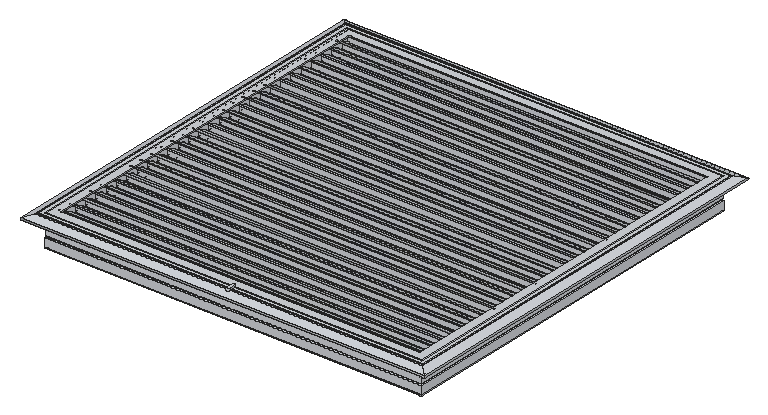
Revit family "11202_GMK1B", category Air Terminals, Revit 2012
Parameters (values of type "GMK1B")
  Incrementos de Cuello = "de 2\""
  Función = "Transferencia"
  Inclinación = "30 grados"
  Visible_Texto = not(and(and(and(Medida_Requerida_Vertical > 5", Medida_Requerida_Vertical < 37"), and(Medida_Requerida_Horizontal > 5", Medida_Requerida_Horizontal < 49")), and(Medida_Requerida_Vertical = (Var1 * 1"), Medida_Requerida_Horizontal = (Var2 * 1"))))  # no
  Var4 = if(Var1 * 1" < 6", 6", if(Var1 * 1" > 36", 36", Var1 * 1"))  # 24"
  Var3 = if(Var2 * 1" < 6", 6", if(Var2 * 1" > 48", 48", Var2 * 1"))  # 24"
  Var2 = roundup(Medida_Requerida_Horizontal / 2") * 2  # 24
  Var1 = roundup(Medida_Requerida_Vertical / 2") * 2  # 24
  URL = "https://www.innes.com.mx"
  Type Comments = "Aletas fijas tipo \"K\""
  Tipo de Cuello = "Cuadrado/Rectangular"
  Posición de Instalación = "Muro"
  Nota1 = if(Medida_Requerida_Vertical > 36", "Medida vertical no disponible máximo 36 in", if(Medida_Requerida_Vertical < 6", "Medida vertical no disponible mínimo 6 in", if(Medida_Requerida_Horizontal > 48", "Medida horizontal no disponible máximo 48 in", if(Medida_Requerida_Horizontal < 6", "Medida horizontal no disponible mínimo 6 in", if(and(Medida_Requerida_Vertical = (Var1 * 1"), Medida_Requerida_Horizontal = (Var2 * 1")), ".", "Medida no Válida. Sólo incrementos de 2 in")))))  # "."
  Model = "GMK1B"
  Medida_Requerida_Vertical = 24"
  Medida_Requerida_Horizontal = 24"
  Material = "Aluminio"
  Manufacturer = "INNES"
  Description = "Rejilla para toma de aire exterior"
  Cuello Rectangular Min-Max = "8\"x6\" a 48\"x36\""
  Cuello Cuadrado Min-Max = "6\"x6\" a 36\"x36\""
  Conect_Vertical = Var4 - 1" / 8  # 23 7/8"
  Conect_Horizontal = Var3 - 1" / 8  # 23 7/8"
Reference planes (in)
  plane 1 "Center (Front/Back)": y = 0
  plane 2: z = 0
  plane 3 "Center (Left/Right)": x = 0
  plane 4 "Conect": z = -2
Nested families (in)
  nested 1: "GMK1B" at (0, 0, 0), type "GMK1B"
  nested 2: "Texto" at (19.6245, -33.12764, 0), type "texto"
    with Visible_Texto no
Connectors (in)
  hvac at (0, 0, -2), driven by "Conect_Horizontal", driven by "Conect_Vertical"
    settings: on plane 4 "Conect", index 1, duct flow 0.0 L/s, flow factor 0, pres drop 0.0 Pa, loss coef 0, conn angle 0.00°, conn width 606.425 mm, conn height 606.425 mm, conn radius 304.8 mm, duct sys type 1, conn prof type 1, flow config 0, flow direction 0, loss method 0, conn ref index -1, conn util no, is conn primary yes, conn desc ""
Definition of nested family "GMK1B"
  Parameters (values of type "GMK1B")
    separación = 13/16"  # constant formula
    Var4 = if(Var1 * 1" < 6", 6", if(Var1 * 1" > 36", 36", Var1 * 1"))  # 24"
    Var3 = if(Var2 * 1" < 6", 6", if(Var2 * 1" > 48", 48", Var2 * 1"))  # 24"
    Var2 = roundup(Medida_Requerida_Horizontal / 2") * 2  # 24
    Var1 = roundup(Medida_Requerida_Vertical / 2") * 2  # 24
    URL = ""
    N° de rejillas = (Medida_Real_Vertical / (separación)) - 1  # 28
    Medida_Requerida_Vertical = 24"
    Medida_Requerida_Horizontal = 24"
    Manufacturer = ""
    Medida_Real_Vertical = Var4 - 1" / 8  # 23 7/8"
    Medida_Real_Horizontal = Var3 - 1" / 8  # 23 7/8"
    Largo_Rejilla = Medida_Real_Horizontal - 2" / 8  # 23 5/8"
    Altura_Total = 2"  # constant formula
  Reference planes (in)
    plane 1 "Center (Front/Back)": y = 0
    plane 2: z = 0
    plane 3 "Center (Left/Right)": x = 0
    plane 4: x = -11.9375
    plane 5: x = 11.9375
    plane 6: y = 11.9375
    plane 7: y = -11.9375
    plane 8: z = -0.39062
    plane 9: z = 0.125
    plane 10: y = 11.375
    plane 11: y = 12.81252
    plane 12: y = -12.81252
    plane 13: x = 12.81252
    plane 14: x = -12.81252
  Forms (in)
    Sweep 1, solid
      path origin (0, 0, 0) x (1, 0, 0) y (0, 1, 0)
        loop
          line (-11.9375, 11.9375) -> (-11.9375, -11.9375) -> (11.9375, -11.9375) -> (11.9375, 11.9375) -> (-11.9375, 11.9375)
      profile origin (0, 11.9375, 0) x (0, 1, 0) y (0, 0, 1)
        loop
          line (-0.125, -0.05837) -> (-0.125, -0.91109)
          arc (-0.125, -0.91109) -> (-0.08325, -0.92853) -> (-0.06598, -0.97035) r 0.05926
          line (-0.06598, -0.97035) -> (-0.06598, -1.29323) -> (-0.125, -1.35225) -> (-0.06515, -1.41211) -> (-0.06515, -1.96875)
          arc (-0.06515, -1.96875) -> (-0.0339, -2) -> (-0.00265, -1.96875) r 0.03125
          line (-0.00265, -1.96875) -> (-0.00265, -1.41748) -> (-0.06598, -1.35415) -> (-0.00506, -1.29323) -> (-0.00506, -0.93766)
          arc (-0.00506, -0.93766) -> (-0.02829, -0.89944) -> (-0.06574, -0.875) r 0.10104
          line (-0.06574, -0.875) -> (-0.06574, -0.24587) -> (0, -0.24587) -> (0, -0.20985) -> (-0.06574, -0.20985) -> (-0.06574, -0.16795) -> (0.24225, -0.16795) -> (0.24225, -0.20985) -> (0.17585, -0.20985) -> (0.17585, -0.24587) -> (0.32331, -0.24587) -> (0.32331, -0.20985) -> (0.42513, -0.20985) -> (0.42513, -0.29403) -> (0.84698, -0.29403)
          arc (0.84698, -0.29403) -> (0.87502, -0.25023) -> (0.84628, -0.20688) r 0.04763
          arc (0.84628, -0.20688) -> (0.61009, -0.09577) -> (0.36728, 0) r 4.07557
          line (0.36728, 0) -> (0.30952, 0) -> (0.27589, -0.03363) -> (0.24225, 0) -> (0.00653, 0) -> (-0.0103, -0.03035) -> (-0.02617, 0.00413) -> (-0.5444, 0.00413)
          arc (-0.5444, 0.00413) -> (-0.5625, -0.0264) -> (-0.54711, -0.05837) r 0.03757
          line (-0.54711, -0.05837) -> (-0.125, -0.05837)
    Extrusion 2, solid
      sketch origin (0, 0, 0) x (1, 0, 0) y (0, 1, 0)
        loop
          line (-0.05398, -11.9375) -> (-0.10994, -12.3422)
          arc (-0.10994, -12.3422) -> (0, -12.45214) -> (0.10994, -12.3422) r 0.10994
          line (0.10994, -12.3422) -> (0.05398, -11.9375)
          arc (0.05398, -11.9375) -> (0, -11.88352) -> (-0.05398, -11.9375) r 0.05398
      from 0 to 0.125
  Dimensions and locks (in)
    equal spacing: plane 4, plane 3 "Center (Left/Right)", plane 5
    equal spacing: plane 6, plane 1 "Center (Front/Back)", plane 7
    "Medida_Real_Horizontal": plane 4 to plane 5
    "Medida_Real_Vertical": plane 6 to plane 7
    locked: level to plane 8 at 0.39063
    locked: plane 9 to level at 0.125
    "Altura_Total": level to Sweep 1
    plane 6 to plane 10 = 9/16"
    equal spacing: group 1, group 2, group 3, group 4, group 5, group 6, group 7, group 8, group 9, group 10, group 11, group 12, group 13, group 14, group 15, group 16, group 17, group 18, group 19, group 20, group 21, group 22, group 23, group 24, group 25, group 26, group 27, group 28  (x2)
    equal spacing: group 28, group 27, group 26, group 25, group 24, group 23, group 22, group 21, group 20, group 19, group 18, group 17, group 16, group 15, group 14, group 13, group 12, group 11, group 10, group 9, group 8, group 7, group 6, group 5, group 4, group 3, group 2, group 1
    "separación": plane 10 to nested 2
    locked: plane 11 to plane 6 at 0.87502
    locked: plane 7 to plane 12 at 0.87502
    locked: plane 4 to plane 14 at 0.87502
    locked: plane 13 to plane 5 at 0.87502
    aligned and locked: plane 2 to level
    aligned and locked: Sweep 1 sketch curve to plane 6
    aligned and locked: plane 4 to Sweep 1 sketch curve
    aligned and locked: plane 7 to Sweep 1 sketch curve
    aligned and locked: Sweep 1 sketch curve to plane 5
    aligned and locked: plane 7 to Extrusion 2 sketch curve
    aligned and locked: plane 9 to Extrusion 2
    aligned and locked: Sweep 1 to Sweep 1  (x10)
    aligned and locked: plane 10 to nested 1
    aligned and locked: nested 1 to plane 10
    aligned and locked: Sweep 1 to nested 1  (x13)
    aligned and locked: nested 1 to Sweep 1  (x2)
    aligned and locked: Sweep 1 to nested 2  (x6)
    aligned and locked: nested 2 to Sweep 1  (x2)
  Automatic sketch dimensions
    Extrusion 2 sketch curve to plane 3 "Center (Left/Right)" = 0"  (x2)
    Extrusion 2 sketch curve to Extrusion 2 sketch curve = 0.05398"
    Extrusion 2 sketch curve to Extrusion 2 sketch curve = 0.10994"
    Extrusion 2 sketch curve to plane 7 = 0.4047"
    Sweep 1 sketch curve to profile plane = 0"
    Sweep 1 sketch curve to level = 0"  (x2)
    profile plane to Sweep 1 sketch curve = 0.00265"
    profile plane to Sweep 1 sketch curve = 0.00506"
    profile plane to Sweep 1 sketch curve = 0.0103"
    level to Sweep 1 sketch curve = 0.00413"
    profile plane to Sweep 1 sketch curve = 0.02617"
    Sweep 1 sketch curve to Sweep 1 sketch curve = 1/32"
    profile plane to Sweep 1 sketch curve = 0.06574"
    Sweep 1 sketch curve to Sweep 1 sketch curve = 0"  (x3)
    Sweep 1 sketch curve to Sweep 1 sketch curve = 0.06092"
    Sweep 1 sketch curve to Sweep 1 sketch curve = 0.00083"
    Sweep 1 sketch curve to Sweep 1 sketch curve = 0.0349"
    Sweep 1 sketch curve to level = 0.05837"
    Sweep 1 sketch curve to Sweep 1 sketch curve = 0.09883"
    Sweep 1 sketch curve to Sweep 1 sketch curve = 0.05902"  (x2)
    Sweep 1 sketch curve to Sweep 1 sketch curve = 0.02436"
    Sweep 1 sketch curve to Sweep 1 sketch curve = 0.39997"
    Sweep 1 sketch curve to Sweep 1 sketch curve = 0.01944"
    Sweep 1 sketch curve to Sweep 1 sketch curve = 0.02214"
    profile plane to Sweep 1 sketch curve = 1.0059"
    Sweep 1 sketch curve to profile plane = 0.00653"
    Sweep 1 sketch curve to profile plane = 0.17585"
    Sweep 1 sketch curve to Sweep 1 sketch curve = 17/256"  (x2)
    Sweep 1 sketch curve to level = 0.03363"
    Sweep 1 sketch curve to Sweep 1 sketch curve = 0.03363"
    Sweep 1 sketch curve to Sweep 1 sketch curve = 0.08106"
    Sweep 1 sketch curve to Sweep 1 sketch curve = 0.05776"
    Sweep 1 sketch curve to Sweep 1 sketch curve = 0.10182"
    Sweep 1 sketch curve to Sweep 1 sketch curve = 0.40226"
    Sweep 1 sketch curve to Sweep 1 sketch curve = 0.01889"
    Sweep 1 sketch curve to Sweep 1 sketch curve = 0.01959"
    Sweep 1 sketch curve to Sweep 1 sketch curve = 0.13432"
    Sweep 1 sketch curve to level = 0.20688"
    Sweep 1 sketch curve to Sweep 1 sketch curve = 0.0419"  (x2)
    Sweep 1 sketch curve to Sweep 1 sketch curve = 0.03602"  (x2)
    Sweep 1 sketch curve to Sweep 1 sketch curve = 0.04373"
    Sweep 1 sketch curve to Sweep 1 sketch curve = 0.62913"
    Sweep 1 sketch curve to Sweep 1 sketch curve = 0.03609"
    Sweep 1 sketch curve to Sweep 1 sketch curve = 0.03269"
    Sweep 1 sketch curve to Sweep 1 sketch curve = 0.32289"
    Sweep 1 sketch curve to Sweep 1 sketch curve = 0.05795"
    Sweep 1 sketch curve to Sweep 1 sketch curve = 0.55127"
    Sweep 1 sketch curve to level = 0.03035"
  Nested families (in)
    nested 1: "Rejilla k" at (11.8125, 11.28104, -0.48437) x (-1, 0, 0) z (0, 0, 1), type "Rejilla k"
      with Largo rejilla K 23 5/8"
    nested 2: "Rejilla k" at (11.8125, 10.46854, -0.48437) x (-1, 0, 0) z (0, 0, 1), type "Rejilla k"
      with Largo rejilla K 23 5/8"
    nested 3: "Rejilla k" at (11.8125, 9.65604, -0.48437) x (-1, 0, 0) z (0, 0, 1), type "Rejilla k"
      with Largo rejilla K 23 5/8"
    nested 4: "Rejilla k" at (11.8125, 8.84354, -0.48437) x (-1, 0, 0) z (0, 0, 1), type "Rejilla k"
      with Largo rejilla K 23 5/8"
    nested 5: "Rejilla k" at (11.8125, 8.03104, -0.48437) x (-1, 0, 0) z (0, 0, 1), type "Rejilla k"
      with Largo rejilla K 23 5/8"
    nested 6: "Rejilla k" at (11.8125, 7.21854, -0.48437) x (-1, 0, 0) z (0, 0, 1), type "Rejilla k"
      with Largo rejilla K 23 5/8"
    nested 7: "Rejilla k" at (11.8125, 6.40604, -0.48437) x (-1, 0, 0) z (0, 0, 1), type "Rejilla k"
      with Largo rejilla K 23 5/8"
    nested 8: "Rejilla k" at (11.8125, 5.59354, -0.48437) x (-1, 0, 0) z (0, 0, 1), type "Rejilla k"
      with Largo rejilla K 23 5/8"
    nested 9: "Rejilla k" at (11.8125, 4.78104, -0.48437) x (-1, 0, 0) z (0, 0, 1), type "Rejilla k"
      with Largo rejilla K 23 5/8"
    nested 10: "Rejilla k" at (11.8125, 3.96854, -0.48437) x (-1, 0, 0) z (0, 0, 1), type "Rejilla k"
      with Largo rejilla K 23 5/8"
    nested 11: "Rejilla k" at (11.8125, 3.15604, -0.48437) x (-1, 0, 0) z (0, 0, 1), type "Rejilla k"
      with Largo rejilla K 23 5/8"
    nested 12: "Rejilla k" at (11.8125, 2.34354, -0.48437) x (-1, 0, 0) z (0, 0, 1), type "Rejilla k"
      with Largo rejilla K 23 5/8"
    nested 13: "Rejilla k" at (11.8125, 1.53104, -0.48437) x (-1, 0, 0) z (0, 0, 1), type "Rejilla k"
      with Largo rejilla K 23 5/8"
    nested 14: "Rejilla k" at (11.8125, 0.71854, -0.48437) x (-1, 0, 0) z (0, 0, 1), type "Rejilla k"
      with Largo rejilla K 23 5/8"
    nested 15: "Rejilla k" at (11.8125, -0.09396, -0.48437) x (-1, 0, 0) z (0, 0, 1), type "Rejilla k"
      with Largo rejilla K 23 5/8"
    nested 16: "Rejilla k" at (11.8125, -0.90646, -0.48437) x (-1, 0, 0) z (0, 0, 1), type "Rejilla k"
      with Largo rejilla K 23 5/8"
    nested 17: "Rejilla k" at (11.8125, -1.71896, -0.48437) x (-1, 0, 0) z (0, 0, 1), type "Rejilla k"
      with Largo rejilla K 23 5/8"
    nested 18: "Rejilla k" at (11.8125, -2.53146, -0.48437) x (-1, 0, 0) z (0, 0, 1), type "Rejilla k"
      with Largo rejilla K 23 5/8"
    nested 19: "Rejilla k" at (11.8125, -3.34396, -0.48437) x (-1, 0, 0) z (0, 0, 1), type "Rejilla k"
      with Largo rejilla K 23 5/8"
    nested 20: "Rejilla k" at (11.8125, -4.15646, -0.48437) x (-1, 0, 0) z (0, 0, 1), type "Rejilla k"
      with Largo rejilla K 23 5/8"
    nested 21: "Rejilla k" at (11.8125, -4.96896, -0.48437) x (-1, 0, 0) z (0, 0, 1), type "Rejilla k"
      with Largo rejilla K 23 5/8"
    nested 22: "Rejilla k" at (11.8125, -5.78146, -0.48437) x (-1, 0, 0) z (0, 0, 1), type "Rejilla k"
      with Largo rejilla K 23 5/8"
    nested 23: "Rejilla k" at (11.8125, -6.59396, -0.48437) x (-1, 0, 0) z (0, 0, 1), type "Rejilla k"
      with Largo rejilla K 23 5/8"
    nested 24: "Rejilla k" at (11.8125, -7.40646, -0.48437) x (-1, 0, 0) z (0, 0, 1), type "Rejilla k"
      with Largo rejilla K 23 5/8"
    nested 25: "Rejilla k" at (11.8125, -8.21896, -0.48437) x (-1, 0, 0) z (0, 0, 1), type "Rejilla k"
      with Largo rejilla K 23 5/8"
    nested 26: "Rejilla k" at (11.8125, -9.03146, -0.48437) x (-1, 0, 0) z (0, 0, 1), type "Rejilla k"
      with Largo rejilla K 23 5/8"
    nested 27: "Rejilla k" at (11.8125, -9.84396, -0.48437) x (-1, 0, 0) z (0, 0, 1), type "Rejilla k"
      with Largo rejilla K 23 5/8"
    nested 28: "Rejilla k" at (11.8125, -10.65646, -0.48437) x (-1, 0, 0) z (0, 0, 1), type "Rejilla k"
      with Largo rejilla K 23 5/8"
  Definition of nested family "Rejilla k"
    Parameters (values of type "Rejilla k")
      Largo rejilla K = 40"
      Eje mitad rejilla = 15"
    Reference planes (in)
      plane 1 "Center (Front/Back)": y = 0
      plane 2: z = 0
      plane 3 "Center (Left/Right)": x = 0
      plane 4: x = 40
      plane 5: z = -0.39063
      plane 6: y = -0.46875
      plane 7: y = 0.46875
      plane 8: z = 0.39062
      plane 9: x = 20
      plane 10: z = 0
    Forms (in)
      Extrusion 1, solid
        sketch origin (0, 0.46367, 0.38288) x (0, 0, 1) y (0, -1, 0)
          loop
            arc (-0.50491, 0.91296) -> (-0.5476, 0.9244) -> (-0.55904, 0.88171) r 0.03125
            line (-0.55904, 0.88171) -> (-0.40802, 0.62013) -> (-0.7682, 0.62013) -> (-0.7682, 0.55763) -> (-0.37193, 0.55763) -> (-0.05904, 0.01568)
            arc (-0.05904, 0.01568) -> (-0.01635, 0.00424) -> (-0.00491, 0.04693) r 0.03125
            line (-0.00491, 0.04693) -> (-0.50491, 0.91296)
        from 0 to 40
    Dimensions and locks (in)
      Extrusion 1 sketch curve to Extrusion 1 sketch curve = 1/16"  (x2)
      Extrusion 1 sketch curve to Extrusion 1 sketch curve = 0.30205"
      "Largo rejilla K": plane 4 to plane 3 "Center (Left/Right)"
      locked: plane 1 "Center (Front/Back)" to plane 6 at 0.46875
      locked: level to plane 5 at 0.39063
      equal spacing: plane 7, plane 1 "Center (Front/Back)", plane 6
      equal spacing: plane 8, level, plane 5
      equal spacing: plane 3 "Center (Left/Right)", plane 9, plane 4
      "Largo rejilla K": plane 3 "Center (Left/Right)" to plane 4
      aligned and locked: plane 2 to level
      aligned and locked: Extrusion 1 to plane 4
    Automatic sketch dimensions
      Extrusion 1 sketch curve to level = 0.38532"
      Extrusion 1 sketch curve to level = 0.17616"
      Extrusion 1 sketch curve to Extrusion 1 sketch curve = 0.02706"  (x4)
      Extrusion 1 sketch curve to Extrusion 1 sketch curve = 0.15102"
      Extrusion 1 sketch curve to Extrusion 1 sketch curve = 0.03608"
      Extrusion 1 sketch curve to plane 1 "Center (Front/Back)" = 0.44798"
      Extrusion 1 sketch curve to Extrusion 1 sketch curve = 0.31289"
      plane 1 "Center (Front/Back)" to Extrusion 1 sketch curve = 0.09396"
Definition of nested family "Texto"
  Parameters (values of type "texto")
    texto = "Medida horizontal no disponible máximo 48 in"
    Visible_Texto = yes
    Color = rojo
  Reference planes (in)
    plane 1 "Center (Front/Back)": y = 0
    plane 2: z = 0
    plane 3 "Center (Left/Right)": x = 0
